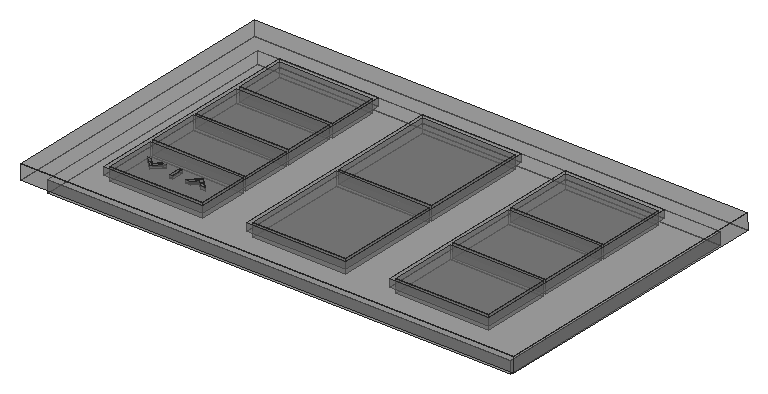
Revit family "Switch-Lutron-Palladiom_QS_Keypad_Control-Group_6 new", category Lighting Devices, host Face, Revit 2017 (continued)
Forms (in)
  Sweep 5, void
    profile origin (0, 0, 0.30664) x (0, -1, 0) y (1, 0, 0)
      loop
        line (-1.39844, 2.45117) -> (-1.39844, 1.18945) -> (1.39844, 1.18945) -> (1.39844, 2.45117) -> (-1.39844, 2.45117)
  Sweep 6, void
    path origin (0, 0, 0) x (1, 0, 0) y (0, 0, 1)
      loop
        line (0, 0.35547) -> (0, 0.25781)
    profile origin (0, 0, 0.30664) x (0, -1, 0) y (1, 0, 0)
      loop
        line (-1.39844, 1.18945) -> (1.39844, 1.18945) -> (1.39844, 2.45117) -> (-1.39844, 2.45117) -> (-1.39844, 1.18945)
Cuts and joins
  Sweep 2, Sweep 3, Sweep 4, Sweep 5, Sweep 6 cuts Sweep 1
Lines and regions (in)
  symbolic lines, detail levels fine
    curve 1: line (-3.14062, 0, 0) -> (-3.14062, 0, 0.35547)
    curve 2: line (-3.14062, 0, 0.35547) -> (3.14063, 0, 0.35547)
    curve 3: line (3.14063, 0, 0.35547) -> (3.14063, 0, 0)
Dimensions and locks (in)
  equal spacing: plane 5, plane 1 "Center (Front/Back)", plane 4
  "Actual Plate Height": plane 5 to plane 4
  equal spacing: plane 6, plane 3 "Center (Left/Right)", plane 7
  "Actual Plate Width": plane 6 to plane 7
  "Device Recess Depth": plane 2 to plane 9
  "Device Depth from Wall": plane 8 to plane 2
  "Plate Depth": plane 4 to plane 11
  "Plate Depth": plane 8 to plane 10
  "Device 1 Offset": plane 12 to plane 3 "Center (Left/Right)"
  "Device 2 Offset": plane 12 to plane 13
  "Device 3 Offset": plane 3 "Center (Left/Right)" to plane 14
  "Device 4 Offset": plane 14 to plane 15
  equal spacing: plane 8, plane 16, plane 17
  "Plate Depth": plane 8 to plane 17
  equal spacing: plane 18, plane 12, plane 19
  equal spacing: plane 21, plane 1 "Center (Front/Back)", plane 20
  "Button Array Height": plane 20 to plane 21
  "Button Width": plane 18 to plane 19
  equal spacing: plane 8, plane 22, plane 23
  "Plate Depth": plane 8 to plane 23
  equal spacing: plane 26, plane 13, plane 27
  equal spacing: plane 25, plane 1 "Center (Front/Back)", plane 24
  "Button Width": plane 26 to plane 27
  "Button Array Height": plane 25 to plane 24
  equal spacing: plane 8, plane 28, plane 29
  "Plate Depth": plane 8 to plane 29
  equal spacing: plane 32, plane 14, plane 33
  equal spacing: plane 31, plane 1 "Center (Front/Back)", plane 30
  "Button Width": plane 32 to plane 33
  "Button Array Height": plane 31 to plane 30
  equal spacing: plane 8, plane 34, plane 35
  "Plate Depth": plane 8 to plane 35
  equal spacing: plane 38, plane 15, plane 39
  equal spacing: plane 37, plane 1 "Center (Front/Back)", plane 36
  "Button Width": plane 38 to plane 39
  "Button Array Height": plane 37 to plane 36
  "Symbol Offset From Wall": plane 40 to plane 2
  aligned and locked: plane 2 to host face
  aligned and locked: level to host face
  aligned and locked: plane 8 to Sweep 1 sketch curve
  aligned and locked: plane 2 to Sweep 1 sketch curve
  aligned and locked: plane 3 "Center (Left/Right)" to Sweep 1 sketch curve
  aligned and locked: Sweep 1 sketch curve to plane 4
  aligned and locked: plane 6 to Sweep 1 sketch curve
  aligned and locked: Sweep 1 sketch curve to plane 5
  aligned and locked: plane 7 to Sweep 1 sketch curve
  aligned and locked: Sweep 2 sketch curve to plane 4  (x2)
  aligned and locked: Sweep 2 sketch curve to plane 5
  aligned and locked: plane 7 to Sweep 2 sketch curve
  aligned and locked: plane 6 to Sweep 2 sketch curve
  aligned and locked: plane 2 to Sweep 2 sketch curve
  aligned and locked: Sweep 2 sketch curve to plane 10
  aligned and locked: Sweep 2 sketch curve to plane 11
  aligned and locked: plane 16 to Sweep 3 sketch curve
  aligned and locked: plane 8 to Sweep 3 sketch curve
  aligned and locked: Sweep 3 sketch curve to plane 3 "Center (Left/Right)"
  aligned and locked: Sweep 3 sketch curve to plane 20
  aligned and locked: plane 19 to Sweep 3 sketch curve
  aligned and locked: plane 18 to Sweep 3 sketch curve
  aligned and locked: Sweep 3 sketch curve to plane 21
  aligned and locked: plane 22 to Sweep 4 sketch curve
  aligned and locked: plane 8 to Sweep 4 sketch curve
  aligned and locked: Sweep 4 sketch curve to plane 3 "Center (Left/Right)"
  aligned and locked: Sweep 4 sketch curve to plane 25
  aligned and locked: plane 27 to Sweep 4 sketch curve
  aligned and locked: plane 26 to Sweep 4 sketch curve
  aligned and locked: Sweep 4 sketch curve to plane 24
  aligned and locked: plane 28 to Sweep 5 sketch curve
  aligned and locked: plane 8 to Sweep 5 sketch curve
  aligned and locked: Sweep 5 sketch curve to plane 3 "Center (Left/Right)"
  aligned and locked: Sweep 5 sketch curve to plane 33
  aligned and locked: plane 31 to Sweep 5 sketch curve
  aligned and locked: Sweep 5 sketch curve to plane 32
  aligned and locked: Sweep 5 sketch curve to plane 30
  aligned and locked: plane 8 to Sweep 6 sketch curve
  aligned and locked: plane 34 to Sweep 6 sketch curve
  aligned and locked: Sweep 6 sketch curve to plane 3 "Center (Left/Right)"
  aligned and locked: plane 39 to Sweep 6 sketch curve
  aligned and locked: Sweep 6 sketch curve to plane 37
  aligned and locked: Sweep 6 sketch curve to plane 38
  aligned and locked: Sweep 6 sketch curve to plane 36
  aligned and locked: plane 12 to nested 1
  aligned and locked: plane 1 "Center (Front/Back)" to nested 1
  aligned and locked: nested 2 to plane 13
  aligned and locked: plane 14 to nested 3
  aligned and locked: plane 1 "Center (Front/Back)" to nested 3
  aligned and locked: plane 1 "Center (Front/Back)" to nested 2
  aligned and locked: nested 4 to plane 15
  aligned and locked: plane 1 "Center (Front/Back)" to nested 4
  aligned and locked: plane 2 to curve 1
  aligned and locked: plane 2 to curve 3
  aligned and locked: plane 7 to curve 3
  aligned and locked: plane 6 to curve 1
  aligned and locked: curve 2 to plane 8
  aligned and locked: plane 3 "Center (Left/Right)" to nested 5
  aligned and locked: plane 1 "Center (Front/Back)" to nested 5
Automatic sketch dimensions
  host sketch curve to host sketch curve = 8' - 0"  (x2)
Nested families (in)
  nested 1: "n_Button_Array IC" at (-1.82031, 0, 0.35547), type <- "Button Column 1 Button Selection", Button Selection <- "Device 1 Button Configuration Selection", visible <- "Button Column 1 Device Visibility", type "Standard"
    with Raise Lower Void Offset 0' - 0.13184", Raise Lower yes, Button Selection 1, Button Quantity 4, Button Height Center to Center 0' - 0.68945", Button Height 0' - 0.65039"
  nested 2: "n_Button_Array IC" at (0, 0, 0.35547), type <- "Button Column 2 Button Selection", visible <- "Button Column 2 Device Visibility", Button Selection <- "Device 2 Button Configuration Selection", type "Standard"
    with Raise Lower Void Offset 0' - 0.19336", Raise Lower no, Button Selection 2, Button Quantity 2, Button Height Center to Center 0' - 1 97/256", Button Height 0' - 1 87/256"
  nested 3: "n_Button_Array IC" at (1.82031, 0, 0.35547), visible <- "Button Column 3 Device Visibility", type <- "Button Column 3 Button Selection", Button Selection <- "Device 3 Button Configuration Selection", type "Standard"
    with Raise Lower Void Offset 0' - 0.19336", Raise Lower no, Button Selection 3, Button Quantity 3, Button Height Center to Center 0' - 0.91927", Button Height 0' - 0.88021"
  nested 4: "n_Button_Array IC" at (1.82031, 0, 0.35547), type <- "Button Column 4 Button Selection", visible <- "Button Column 4 Device Visibility", Button Selection <- "Device 4 Button Configuration Selection", type "Standard"
    with Raise Lower Void Offset 0' - 0.19336", Raise Lower no, Button Selection 4, Button Quantity 4, Button Height Center to Center 0' - 0.68945", Button Height 0' - 0.65039"
  nested 5: "Lutron-Keypad-Symbol" at (0, 0, 0), Label <- "Keypad Label", type "Offsetable Lighting Switch Annotation", detail levels coarse+medium
    with Label "KP"
Connectors (in)
  electrical at (0, -1.86914, 0.25781)
    settings: on cut or joined group of Sweep 1, Sweep 2, Sweep 3, Sweep 4, Sweep 5, Sweep 6, index 1, voltage 0 V, apparent load 0 VA, apparent load phase1 0 VA, apparent load phase2 0 VA, apparent load phase3 0 VA, power factor 1, load classification "Other", number of poles 1, system type 13, power factor state 1, is connector primary yes, connector utility no, sub classification motor no, connector description ""
Definition of nested family "n_Button_Array IC"
  Parameters (values of type "Standard")
    Raise Lower Void Thickness = 0' - 0 15/256"
    Raise Lower Void Offset [instance] = if(and(Raise Lower, Button Quantity > 3), Button Depth * 0.75, Button Depth * 1.1)  # 0' - 0.13184"
    Raise Lower Separator Height = 0' - 0.1626"
    Raise Lower Arrow to Arrow = 0' - 0.5918"
    Raise Lower [instance] = Button Selection < 2  # yes
    Device Finish Material = none
    Default Elevation = 0' - 0"
    Button Width = Button Array Width - (Button Gap Width * 2)  # 0' - 1 47/256"
    Button Selection [instance] = 1
    Button Height Center to Center [instance] = Button Height + Button Gap Width  # 0' - 0.68945"
    Button Height [instance] = (Button Array Height - ((Button Quantity + 1) * Button Gap Width)) / Button Quantity  # 0' - 0.65039"
    Button Gap Width = 0' - 0 5/128"
    Button Depth = 0' - 0 45/256"
    Button Array Width = 0' - 1 67/256"
    Button Array Origin Offset = (Button Array Height / 2) - Button Gap Width  # 0' - 1 23/64"
    Button Array Height = 0' - 2 51/64"
    Button Quantity [instance] = if(Button Selection = 2, 2, if(Button Selection = 3, 3, 4))  # 4
  Reference planes (in)
    plane 1 "Center (Front/Back)": y = 0
    plane 2: z = 0
    plane 3 "Center (Left/Right)": x = 0
    plane 4: x = -0.5918
    plane 5: x = 0.5918
    plane 6: y = -1.35938
    plane 7: y = -0.66992
    plane 8: z = -0.17578
    plane 9: y = -1.03418
    plane 10: y = -0.70898
    plane 11: z = -0.04395
    plane 12: z = 0.01465
  Forms (in)
    Extrusion 1, solid
      sketch origin (0, 0, 0) x (1, 0, 0) y (0, 1, 0)
        loop
          line (-48, 48) -> (-48, -48) -> (48, -48) -> (48, 48) -> (-48, 48)
      from 0 to -12
    Sweep 2, solid, material <- "Device Finish Material"
      path origin (0, 0.03906, 0) x (0, 1, 0) y (0, 0, 1)
        loop
          line (-1.39844, -0.17578) -> (-1.39844, 0)
      profile "Profile-Button_From_Edge : Standard" origin (0, -1.35938, -0.08789) x (0, -1, 0) y (1, 0, 0)
        loop
          line (-0.65039, -0.5918) -> (0, -0.5918) -> (0, 0.5918) -> (-0.65039, 0.5918) -> (-0.65039, -0.5918)
    Sweep 3, solid, material <- "Device Finish Material"
      path origin (0, 0.72852, 0) x (0, 1, 0) y (0, 0, 1)
        loop
          line (-1.39844, -0.17578) -> (-1.39844, 0)
      profile "Profile-Button_From_Edge : Standard" origin (0, -0.66992, -0.08789) x (0, -1, 0) y (1, 0, 0)
        loop
          line (-0.65039, -0.5918) -> (0, -0.5918) -> (0, 0.5918) -> (-0.65039, 0.5918) -> (-0.65039, -0.5918)
    Sweep 4, void
      path origin (-0.5918, -1.03418, 48) x (-1, 0, 0) y (0, 0, 1)
        loop
          line (-0.5918, -48.04395) -> (-0.5918, -47.98535)
      profile "Profile-Raise_Lower : Standard" origin (0, -1.03418, -0.01465) x (1, 0, 0) y (0, 1, 0)
        loop
          line (0.2959, 0.06097) -> (0.17395, -0.06097) -> (0.22919, -0.06097) -> (0.2959, 0.00573) -> (0.3626, -0.06097) -> (0.41785, -0.06097) -> (0.2959, 0.06097)
        loop
          line (-0.2959, -0.06097) -> (-0.17395, 0.06097) -> (-0.22919, 0.06097) -> (-0.2959, -0.00573) -> (-0.3626, 0.06097) -> (-0.41785, 0.06097) -> (-0.2959, -0.06097)
        loop
          line (-0.01953, 0.0813) -> (-0.01953, -0.0813) -> (0.01953, -0.0813) -> (0.01953, 0.0813) -> (-0.01953, 0.0813)
    Sweep 5, solid, material <- "Device Finish Material"
      path origin (0, 1.41797, 0) x (0, 1, 0) y (0, 0, 1)
        loop
          line (-1.39844, -0.17578) -> (-1.39844, 0)
      profile "Profile-Button_From_Edge : Standard" origin (0, 0.01953, -0.08789) x (0, -1, 0) y (1, 0, 0)
        loop
          line (-0.65039, -0.5918) -> (0, -0.5918) -> (0, 0.5918) -> (-0.65039, 0.5918) -> (-0.65039, -0.5918)
    Sweep 6, solid, material <- "Device Finish Material"
      path origin (0, 2.10742, 0) x (0, 1, 0) y (0, 0, 1)
        loop
          line (-1.39844, -0.17578) -> (-1.39844, 0)
      profile "Profile-Button_From_Edge : Standard" origin (0, 0.70898, -0.08789) x (0, -1, 0) y (1, 0, 0)
        loop
          line (-0.65039, -0.5918) -> (0, -0.5918) -> (0, 0.5918) -> (-0.65039, 0.5918) -> (-0.65039, -0.5918)
  Cuts and joins
    Sweep 4 cuts Sweep 2
  Dimensions and locks (in)
    equal spacing: plane 4, plane 3 "Center (Left/Right)", plane 5
    "Button Array Origin Offset": plane 6 to plane 1 "Center (Front/Back)"
    "Button Width": plane 4 to plane 5
    "Button Depth": plane 2 to plane 8
    equal spacing: group 1, group 2, group 3, group 4  (x3)
    "Button Height Center to Center": plane 7 to plane 6
    "Button Gap Width": plane 10 to plane 7
    equal spacing: plane 10, plane 9, plane 6
    "Raise Lower Void Offset": plane 11 to plane 8
    "Raise Lower Void Thickness": plane 12 to plane 11
    aligned and locked: plane 2 to Extrusion 1
    aligned and locked: level to Extrusion 1
    aligned and locked: plane 7 to Sweep 3
    aligned and locked: Sweep 2 to plane 6
    aligned and locked: Sweep 2 to plane 4
    aligned and locked: plane 2 to Sweep 2
    aligned and locked: plane 12 to Sweep 4 sketch curve
    aligned and locked: plane 11 to Sweep 4 sketch curve
    aligned and locked: plane 3 "Center (Left/Right)" to Sweep 4 sketch curve
  Automatic sketch dimensions
    Extrusion 1 sketch curve to Extrusion 1 sketch curve = 8' - 0"  (x2)
    Sweep 2 sketch curve to Sweep 2 sketch curve = 0' - 0 45/256"
    Sweep 3 sketch curve to Sweep 3 sketch curve = 0' - 0 45/256"
    Sweep 5 sketch curve to Sweep 5 sketch curve = 0' - 0 45/256"
    Sweep 6 sketch curve to Sweep 6 sketch curve = 0' - 0 45/256"
Definition of nested family "Lutron-Keypad-Symbol"
  Parameters (values of type "Lutron-Keypad-Symbol")
    Offset Off Wall = 0' - 0"
    Label [instance] = "KP"
  Types (2): name | Label
    Lutron-Keypad-Symbol | "KP"
    Offsetable Lighting Switch Annotation | "2"
  Reference planes (in)
    plane 1: y = 0
    plane 2: x = 0
  Lines and regions (in)
    detail lines
      curve 1: line (0, 0.0588, 0) -> (0, 0, 0)
    reference lines
      curve 2: line (0, 0.0625, 0) -> (-0.11983, 0.0625, 0)
      curve 3: line (0.10095, -0.04722, 0) -> (0.10095, 0.09386, 0)
      curve 4: line (0.10095, -0.04722, 0) -> (0.28349, -0.04722, 0)
      curve 5: line (0.10095, 0.04579, 0) -> (0.31014, 0.04579, 0)
    detail lines, not visible
      curve 6: line (0, 0.0588, 0) -> (0, 0, 0)
  Dimensions and locks (in)
    locked: curve 4 to curve 5 at 0.09301
    locked: curve 1 to curve 3 at 0.10095
    curve 1 to curve 1 = 0' - 0.0588"
    locked: plane 1 to curve 2 at 0.0625
    "Offset Off Wall": plane 1 to curve 1
    aligned and locked: nested 1 to curve 1  (x2)
    aligned and locked: nested 2 to curve 6  (x2)
  Automatic sketch dimensions
    curve 2 to plane 2 = 0' - 0"
    curve 2 to plane 2 = 0' - 0.11983"
    plane 2 to curve 3 = 0' - 0.10095"
    plane 1 to curve 4 = 0' - 0.04722"
    curve 3 to curve 4 = 0' - 0.18254"
    curve 4 to curve 5 = 0' - 0.02665"
    curve 5 to curve 3 = 0' - 0.04807"
    curve 1 to curve 1 = 0' - 0.0588"
    curve 6 to curve 6 = 0' - 0.0588"
  Nested families (in)
    nested 1: "Annotation-Symbol-Lutron-Keypad" at (0, 0, 0), type "Annotation-Symbol-Lutron"
    nested 2: "Annotation-Symbol-Lutron-Keypad" at (0, 0, 0), type "Annotation-Symbol-Lutron", not visible
  Definition of nested family "Annotation-Symbol-Lutron-Keypad"
    Parameters (values of type "Annotation-Symbol-Lutron")
      Label = "KP"
    Reference planes (in)
      plane 1: y = 0
      plane 2: x = 0
    Lines and regions (in)
      detail lines
        curve 1: line (-0.1278, 0.31462, 0) -> (-0.1278, 0.06462, 0)
        curve 2: line (-0.1278, 0.06462, 0) -> (0.1278, 0.06462, 0)
        curve 3: line (0.1278, 0.06462, 0) -> (0.1278, 0.31462, 0)
        curve 4: line (0.1278, 0.31462, 0) -> (-0.1278, 0.31462, 0)
        curve 5: line (-0.05859, 0, 0) -> (0.05859, 0, 0)
        curve 6: line (0, 0, 0) -> (0, 0.06462, 0)
    Text (in)
      label "KP" at (-0.00197, 0.1853, 0), shows "Label"
    Dimensions and locks (in)
      equal spacing: curve 1, plane 2, curve 3
      locked: plane 1 to curve 2 at 0.06462
      aligned and locked: plane 2 to curve 6
      aligned and locked: plane 1 to curve 5
